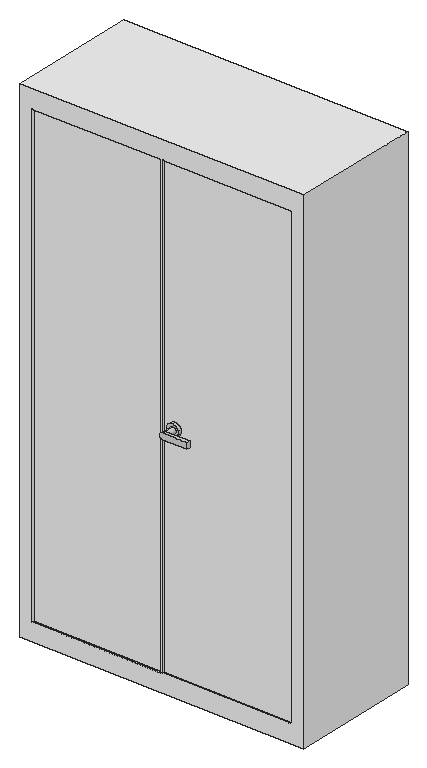
Revit family
Parameters (values of type "1200 x 550 x 2100mm")
  Keynote = "N"
  Assembly Code = ""
  Depth = 550 mm
  Material = Metal - Steel
  Height = 2100 mm
  Width = 1200 mm
Reference planes
  plane 1 "Center F/B": y = 0
  plane 2: z = 0
  plane 3 "Center L/R": x = 0
  plane 4: x = -600
  plane 5: x = 600
  plane 6: y = -275
  plane 7: y = 275
  plane 8: z = 2100
  plane 9: through (88.407, 0, 1010.5) normal (-0.0872, 0, -0.9962)
  plane 10: x = 50.943
  plane 11: z = 1016
Forms (mm)
  Extrusion 1, solid, material "Metal - Steel" <- "Material"
    sketch origin (0, 0, 0) x (1, 0, 0) y (0, 1, 0)
      loop
        line (-600, -275) -> (600, -275) -> (600, 275) -> (-600, 275) -> (-600, -275)
    from 0 to 2100
  Extrusion 2, void
    sketch origin (-600, -275, 2100) x (0, 0, -1) y (1, 0, 0)
      loop
        line (2023.8, 603.175) -> (2023.8, 1149.2) -> (76.2, 1149.2) -> (76.2, 603.175) -> (2023.8, 603.175)
    from -6.35 to 0
  Extrusion 3, void
    sketch origin (-600, -275, 2100) x (0, 0, -1) y (1, 0, 0)
      loop
        line (76.2, 50.8) -> (2023.8, 50.8) -> (2023.8, 596.825) -> (76.2, 596.825) -> (76.2, 50.8)
    from -6.35 to 0
  Extrusion 4, solid, material "Metal - Chrome"
    sketch origin (-600, -275, 2100) x (0, 0, -1) y (1, 0, 0)
      loop
        circle (1084, 650.943) r 25.4
    from -6.35 to 6.35
  Extrusion 5, solid, material "Metal - Chrome"
    sketch origin (-600, -281.35, 2100) x (0, 0, -1) y (1, 0, 0)
      loop
        circle (1084, 650.943) r 12.7
    from 0 to 38.1
  Extrusion 6, solid, material "Metal - Chrome"
    sketch origin (-600, -319.45, 2100) x (0, 0, -1) y (1, 0, 0)
      loop
        arc (1071.3, 650.943) -> (1084, 638.243) -> (1096.7, 650.943) r 12.7
        line (1096.7, 650.943) -> (1096.7, 752.543) -> (1071.3, 752.543) -> (1071.3, 650.943)
    from 0 to 12.7
Cuts and joins
  Extrusion 2, Extrusion 3 cuts Extrusion 1
Lines and regions (mm)
  Masking region 1
    outline origin (0, 0, 0) x (1, 0, 0) y (0, 1, 0)
      loop
        line (-600, 275) -> (-600, -275) -> (600, -275) -> (600, 275) -> (-600, 275)
  symbolic lines
    curve 1: line (-600, 275, 0) -> (600, 275, 0)
    curve 2: line (-600, -275, 0) -> (-600, 275, 0)
    curve 3: line (600, -275, 0) -> (-600, -275, 0)
    curve 4: line (600, 275, 0) -> (600, -275, 0)
Dimensions and locks
  equal spacing: plane 4, plane 3 "Center L/R", plane 5
  equal spacing: plane 6, plane 1 "Center F/B", plane 7
  "Depth": plane 7 to plane 6
  "Width": plane 4 to plane 5
  "Height": plane 8 to plane 2
  locked: Extrusion 2 sketch curve to plane 2 at 76.2
  locked: plane 8 to Extrusion 2 sketch curve at 76.2
  locked: Extrusion 2 sketch curve to plane 3 "Center L/R" at 3.175
  locked: Extrusion 3 sketch curve to plane 4 at 50.8
  locked: plane 3 "Center L/R" to Extrusion 3 sketch curve at 3.175
  locked: plane 5 to Extrusion 2 sketch curve at 50.8
  Extrusion 4 sketch curve to plane 3 "Center L/R" = 50.943 mm
  locked: Extrusion 4 sketch curve to plane 2 at 1016
  locked: Extrusion 6 sketch curve to Extrusion 6 sketch curve at 12.7
  aligned and locked: plane 7 to curve 1
  aligned and locked: curve 4 to plane 5
  aligned and locked: plane 6 to curve 3
  aligned and locked: plane 4 to curve 2
  aligned and locked: Extrusion 1 sketch curve to plane 4
  aligned and locked: Extrusion 1 sketch curve to plane 7
  aligned and locked: plane 5 to Extrusion 1 sketch curve
  aligned and locked: Extrusion 1 sketch curve to plane 6
  aligned and locked: Extrusion 1 to plane 8
  aligned and locked: Extrusion 3 sketch curve to cut or joined group of Extrusion 1, Extrusion 2, Extrusion 3
  aligned and locked: cut or joined group of Extrusion 1, Extrusion 2, Extrusion 3 to Extrusion 3 sketch curve
  aligned and locked: Extrusion 5 to Extrusion 4
  aligned and locked: Extrusion 6 to Extrusion 5
  aligned: plane 4 to Masking region 1 sketch curve
  aligned: plane 6 to Masking region 1 sketch curve
Automatic sketch dimensions
  Extrusion 4 sketch curve to Extrusion 4 sketch curve = 25.4 mm
  Extrusion 5 sketch curve to plane 10 = 0 mm
  Extrusion 5 sketch curve to plane 11 = 0 mm
  Extrusion 5 sketch curve to Extrusion 5 sketch curve = 12.7 mm
  plane 3 "Center L/R" to Extrusion 6 sketch curve = 50.943 mm
  Extrusion 6 sketch curve to Extrusion 6 sketch curve = 101.6 mm
  level to Extrusion 6 sketch curve = 1028.7 mm
  Masking region 1 sketch curve to plane 4 = 0 mm
  Masking region 1 sketch curve to plane 5 = 0 mm
  Masking region 1 sketch curve to plane 6 = 0 mm
  Masking region 1 sketch curve to plane 7 = 0 mm
